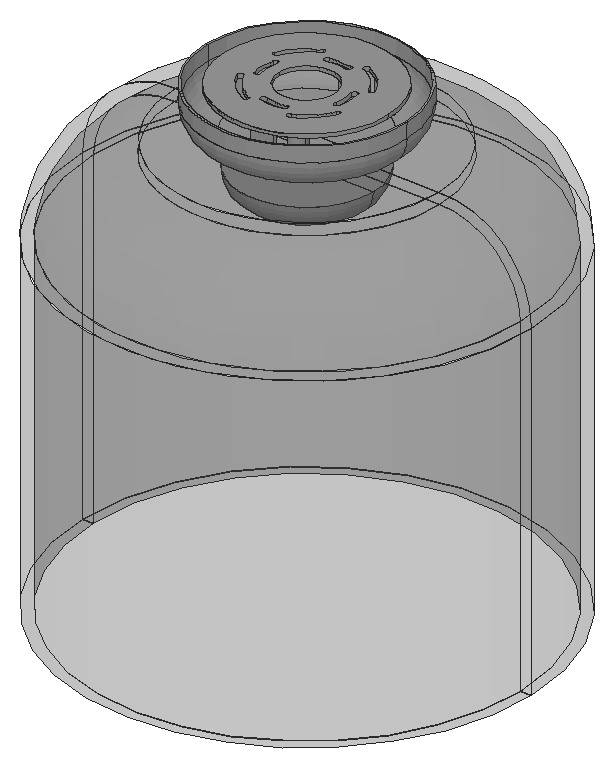
Revit family "Totem Flush", category Lighting Fixtures, Revit 2020
Family settings
  Round Connector Dimension = Use Diameter
  Part Type = Normal
  OmniClass Number = 23.80.70.00
  OmniClass Title = Lighting
  Work Plane-Based = No
  Always vertical = Yes
  Cut with Voids When Loaded = No
  Light Source = Yes
  Shared = No
  Room Calculation Point = No
Parameters (values of type "Totem Flush A")
  Wattage = 9.42495 W
  built-in parameter 1150110 = 1 (stored number, unit not read)
  built-in parameter 1114217 = 1 (stored number, unit not read)
  Tilt Angle = 90.00°
  built-in parameter 1150109 = 1 (stored number, unit not read)
  built-in parameter 1150134 = (empty or 0)
  built-in parameter 1150113 = 1 (stored number, unit not read)
  Photometric Web File = "TOTEM FLUSH.IES"
  MATERIAL ROOF ATTACHMENT PIECE = Steel, Paint Finish, Ivory, Glossy
  MATERIAL LIGHT PIECE = Cloth, Lamp Shade
  Lumens = 1400 lm
  built-in parameter 1150115 = 1 (stored number, unit not read)
  built-in parameter 1150105 = 111.41 (stored number, unit not read)
  built-in parameter 1150137 = (empty or 0)
  built-in parameter 1150139 = (empty or 0)
  built-in parameter 1150112 = 1 (stored number, unit not read)
  built-in parameter 1150114 = 1 (stored number, unit not read)
  LIGHT PIECE LENGTH = 1' - 2"
  built-in parameter 1150132 = 2
  built-in parameter 1150102 = (empty or 0)
  built-in parameter 1150138 = (empty or 0)
  built-in parameter 1150107 = 2700 (stored number, unit not read)
  built-in parameter 1150106 = 1.1141 (stored number, unit not read)
  Emit from Circle Diameter = 2' - 0"
  Emit Shape Visible in Rendering = no
  built-in parameter 1150104 = 13.8 (stored number, unit not read)
  Dimming Lamp Color Temperature Shift = <None>
  Default Elevation = 0' - 0"
  Color Filter = 16777215
  built-in parameter 1114218 = 1 (stored number, unit not read)
  built-in parameter 1150133 = 10 (stored number, unit not read)
Types (5): name | LIGHT PIECE LENGTH
  (no name) | 1' - 2"
  Totem Flush A | 1' - 2"
  Totem Flush B | 0' - 10"
  Totem Flush C | 0' - 4 1/2"
  Totem Flush D | 0' - 3 1/2"
Reference planes (in)
  plane 1 "Light Source Axis (F/B)": y = 0
  plane 2: z = 0
  plane 3 "Light Source Axis (L/R)": x = 0
  plane 4 "Light Source Elevation": z = 12.56609
Forms (in)
  Revolve 1, solid, material "Cloth, Lamp Shade" <- "MATERIAL LIGHT PIECE"
    sketch origin (0, 0, 11.31245) x (1, 0, 0) y (0, 0, 1)
      loop
        line (-7.49624, -27.02505) -> (-7.12034, -27.02505) -> (-7.12034, -15.95628)
        arc (-7.12034, -15.95628) -> (-6.29377, -14.11135) -> (-4.40142, -13.40005) r 2.62665
        line (-4.40142, -13.40005) -> (0.02067, -13.40005) -> (0.02067, -13.02505) -> (-4.39499, -13.02505)
        arc (-4.39499, -13.02505) -> (-6.58157, -13.86763) -> (-7.49624, -16.02505) r 3.00165
        line (-7.49624, -16.02505) -> (-7.49624, -27.02505)
      axis (0.02067, -13.02505) -> (0.02067, -27.02505)
    angle from 0 to 360
  Revolve 2, solid, material "Steel, Paint Finish, Ivory, Glossy" <- "MATERIAL ROOF ATTACHMENT PIECE"
    sketch origin (0, 0, 11.19769) x (1, 0, 0) y (0, 0, 1)
      loop
        line (-3.36558, -11.19769) -> (-3.36558, -11.68681)
        arc (-3.36558, -11.68681) -> (-3.06489, -12.41274) -> (-2.33896, -12.71343) r 1.02662
        line (-2.33896, -12.71343) -> (-0.94488, -12.71343) -> (-0.94488, -12.79217) -> (-2.08661, -12.79217) -> (-2.08661, -12.91028) -> (-0.00021, -12.91028) -> (-0.00021, -12.65093) -> (-2.33896, -12.65093)
        arc (-2.33896, -12.65093) -> (-3.0207, -12.36855) -> (-3.30308, -11.68681) r 0.96412
        line (-3.30308, -11.68681) -> (-3.30308, -11.19769) -> (-3.36558, -11.19769)
      loop
        line (-0.00021, -13.28528) -> (-0.48923, -13.28528) -> (-0.48923, -13.38273) -> (-0.98481, -13.38273) -> (-0.98481, -13.46147) -> (-0.34988, -13.46147) -> (-0.34988, -13.59926) -> (-0.27312, -13.59926) -> (-0.27312, -13.65832) -> (-2.24403, -13.65832)
        arc (-2.24403, -13.65832) -> (-1.97881, -14.29861) -> (-1.33852, -14.56383) r 0.90551
        line (-1.33852, -14.56383) -> (-0.00021, -14.56383) -> (-0.00021, -13.28528)
      axis (-0.00021, -14.56383) -> (-0.00021, -11.19769)
    angle from 0 to 360
  Extrusion 3, void
    sketch origin (0, 0, -12.60881) x (1, 0, 0) y (0, 1, 0)
      loop
        arc (-1.52503, 0.67831) -> (-1.18863, 1.16071) -> (-0.70658, 1.49761) r 1.6801
        arc (-0.70658, 1.49761) -> (-0.6591, 1.62811) -> (-0.78937, 1.67621) r 0.09843
        arc (-0.78937, 1.67621) -> (-1.33135, 1.29715) -> (-1.704, 0.75074) r 1.83735
        arc (-1.704, 0.75074) -> (-1.64503, 0.63913) -> (-1.52503, 0.67831) r 0.09795
      loop
        arc (1.52259, 0.67831) -> (1.64258, 0.63913) -> (1.70155, 0.75074) r 0.09795
        arc (1.70155, 0.75074) -> (1.32891, 1.29715) -> (0.78693, 1.67621) r 1.83735
        arc (0.78693, 1.67621) -> (0.65666, 1.62811) -> (0.70414, 1.49761) r 0.09843
        arc (0.70414, 1.49761) -> (1.18618, 1.16071) -> (1.52259, 0.67831) r 1.6801
      loop
        arc (-1.52503, -0.705) -> (-1.64503, -0.66581) -> (-1.704, -0.77743) r 0.09795
        arc (-1.704, -0.77743) -> (-1.33135, -1.32383) -> (-0.78937, -1.70289) r 1.83735
        arc (-0.78937, -1.70289) -> (-0.6591, -1.65479) -> (-0.70658, -1.5243) r 0.09843
        arc (-0.70658, -1.5243) -> (-1.18863, -1.18739) -> (-1.52503, -0.705) r 1.6801
      loop
        arc (1.52259, -0.705) -> (1.18618, -1.18739) -> (0.70414, -1.5243) r 1.6801
        arc (0.70414, -1.5243) -> (0.65666, -1.65479) -> (0.78693, -1.70289) r 0.09843
        arc (0.78693, -1.70289) -> (1.32891, -1.32383) -> (1.70155, -0.77743) r 1.83735
        arc (1.70155, -0.77743) -> (1.64258, -0.66581) -> (1.52259, -0.705) r 0.09795
      loop
        circle (0, 0) r 0.92616
      loop
        arc (-1.43084, 0.35554) -> (-1.48104, -0.02173) -> (-1.43084, -0.39901) r 1.44285
        arc (-1.43084, -0.39901) -> (-1.31049, -0.46894) -> (-1.24056, -0.34859) r 0.09842
        arc (-1.24056, -0.34859) -> (-1.28324, -0.0173) -> (-1.23873, 0.31374) r 1.27953
        arc (-1.23873, 0.31374) -> (-1.3128, 0.43565) -> (-1.43084, 0.35554) r 0.09843
      loop
        arc (1.43084, 0.35554) -> (1.3128, 0.43565) -> (1.23873, 0.31374) r 0.09843
        arc (1.23873, 0.31374) -> (1.28324, -0.0173) -> (1.24056, -0.34859) r 1.27953
        arc (1.24056, -0.34859) -> (1.31049, -0.46894) -> (1.43084, -0.39901) r 0.09842
        arc (1.43084, -0.39901) -> (1.48104, -0.02173) -> (1.43084, 0.35554) r 1.44285
      loop
        arc (0.37271, 1.41368) -> (-0.00457, 1.46388) -> (-0.38185, 1.41368) r 1.44285
        arc (-0.38185, 1.41368) -> (-0.45178, 1.29333) -> (-0.33143, 1.2234) r 0.09842
        arc (-0.33143, 1.2234) -> (-0.00014, 1.26608) -> (0.3309, 1.22157) r 1.27953
        arc (0.3309, 1.22157) -> (0.45281, 1.29564) -> (0.37271, 1.41368) r 0.09843
      loop
        arc (0.37271, -1.448) -> (0.45281, -1.32996) -> (0.3309, -1.25589) r 0.09843
        arc (0.3309, -1.25589) -> (-0.00014, -1.3004) -> (-0.33143, -1.25772) r 1.27953
        arc (-0.33143, -1.25772) -> (-0.45178, -1.32765) -> (-0.38185, -1.448) r 0.09842
        arc (-0.38185, -1.448) -> (-0.00457, -1.4982) -> (0.37271, -1.448) r 1.44285
    from 12.98507 to 12.2699
  Extrusion 4, solid, material "Steel, Paint Finish, Ivory, Glossy" <- "MATERIAL ROOF ATTACHMENT PIECE"
    sketch origin (0, 0, -12) x (1, 0, 0) y (0, 1, 0)
      loop
        circle (0, 0) r 2.7188
    from 11.89276 to 12
  Extrusion 5, solid, material "Steel, Paint Finish, Ivory, Glossy" <- "MATERIAL ROOF ATTACHMENT PIECE"
    sketch origin (-16.44953, 0, -12.60881) x (1, 0, 0) y (0, 1, 0)
      loop
        circle (17.40096, 2.09113) r 0.27565
      loop
        circle (14.17411, 0.1995) r 0.27565
      loop
        circle (17.68178, -1.90585) r 0.27565
    from 11.16378 to 12.50157
  Extrusion 6, solid, material "Steel, Paint Finish, Ivory, Glossy" <- "MATERIAL ROOF ATTACHMENT PIECE"
    sketch origin (-16.44429, -0.21875, -12.72753) x (0, 1, 0) y (0, 0, 1)
      loop
        line (2.05768, 12.54339) -> (2.05768, 11.33323)
        arc (2.05768, 11.33323) -> (2.04695, 11.30453) -> (2.02002, 11.28991) r 0.04375
        line (2.02002, 11.28991) -> (0.95532, 11.28991)
        arc (0.95532, 11.28991) -> (0.92746, 11.30145) -> (0.91592, 11.32931) r 0.0394
        arc (0.91592, 11.32931) -> (0.8865, 11.42467) -> (0.79616, 11.46707) r 0.12339
        line (0.79616, 11.46707) -> (-0.30452, 11.46707)
        arc (-0.30452, 11.46707) -> (-0.39448, 11.42512) -> (-0.42017, 11.32924) r 0.11744
        arc (-0.42017, 11.32924) -> (-0.43397, 11.30114) -> (-0.46336, 11.29036) r 0.04206
        line (-0.46336, 11.29036) -> (-1.53037, 11.29036)
        arc (-1.53037, 11.29036) -> (-1.55315, 11.29979) -> (-1.56258, 11.32257) r 0.03221
        line (-1.56258, 11.32257) -> (-1.56258, 12.56609) -> (-1.64071, 12.56609) -> (-1.64071, 11.32257)
        arc (-1.64071, 11.32257) -> (-1.60839, 11.24455) -> (-1.53037, 11.21223) r 0.11033
        line (-1.53037, 11.21223) -> (-0.46422, 11.21223)
        arc (-0.46422, 11.21223) -> (-0.37592, 11.24865) -> (-0.34206, 11.33796) r 0.12018
        arc (-0.34206, 11.33796) -> (-0.33618, 11.37294) -> (-0.30452, 11.38895) r 0.03932
        line (-0.30452, 11.38895) -> (0.79506, 11.38895)
        arc (0.79506, 11.38895) -> (0.82851, 11.37225) -> (0.83799, 11.33608) r 0.04526
        arc (0.83799, 11.33608) -> (0.86986, 11.24864) -> (0.95532, 11.21178) r 0.11753
        line (0.95532, 11.21178) -> (2.02411, 11.21178)
        arc (2.02411, 11.21178) -> (2.10364, 11.25073) -> (2.1358, 11.33323) r 0.12187
        line (2.1358, 11.33323) -> (2.1358, 12.54339) -> (2.05768, 12.54339)
    from 16.05407 to 16.83604
Cuts and joins
  Extrusion 3 cuts Extrusion 4
Dimensions and locks (in)
  locked: Revolve 2 to imposter light at 2.23806
  locked: plane 2 to Revolve 1 at 1.7126
  "LIGHT PIECE LENGTH": Revolve 1 sketch curve to Revolve 1 sketch curve
  aligned and locked: level to plane 2
Automatic sketch dimensions
  Revolve 2 sketch curve to Revolve 2 sketch curve = 0' - 0"  (x2)
  Revolve 2 sketch curve to level = 0' - 0"
  Revolve 2 sketch curve to plane 3 "Light Source Axis (L/R)" = 0' - 3.36558"
  Revolve 2 sketch curve to Revolve 2 sketch curve = 0' - 0 1/16"
  Revolve 2 sketch curve to Revolve 2 sketch curve = 0' - 0.96412"
  Revolve 2 sketch curve to Revolve 2 sketch curve = 0' - 0.09493"
  Revolve 2 sketch curve to Revolve 2 sketch curve = 0' - 0.25235"
  Revolve 2 sketch curve to Revolve 2 sketch curve = 0' - 0.90551"
  Revolve 2 sketch curve to Revolve 2 sketch curve = 0' - 0.35371"
  Revolve 2 sketch curve to Revolve 2 sketch curve = 0' - 0.03993"
  Revolve 2 sketch curve to plane 3 "Light Source Axis (L/R)" = 0' - 0.48923"
  Revolve 2 sketch curve to Revolve 2 sketch curve = 0' - 0.13935"
  Revolve 2 sketch curve to Revolve 2 sketch curve = 0' - 0.07676"
  Revolve 2 sketch curve to plane 3 "Light Source Axis (L/R)" = 0' - 0.00021"  (x3)
  Revolve 2 sketch curve to level = 0' - 0.48913"
  Revolve 2 sketch curve to Revolve 2 sketch curve = 0' - 0.07874"  (x2)
  Revolve 2 sketch curve to Revolve 2 sketch curve = 0' - 0.25935"
  Revolve 2 sketch curve to Revolve 2 sketch curve = 0' - 0 3/8"
  Revolve 2 sketch curve to Revolve 2 sketch curve = 0' - 0.09744"
  Revolve 2 sketch curve to Revolve 2 sketch curve = 0' - 0.1378"
  Revolve 2 sketch curve to Revolve 2 sketch curve = 0' - 0.05906"
  Revolve 2 sketch curve to Revolve 2 sketch curve = 0' - 0.7028"
  level to Revolve 2 sketch curve = 0' - 0.37776"
  Extrusion 3 sketch curve to Extrusion 3 sketch curve = 0' - 0"  (x15)
  plane 1 "Light Source Axis (F/B)" to Extrusion 3 sketch curve = 0' - 0"  (x2)
  Extrusion 3 sketch curve to plane 3 "Light Source Axis (L/R)" = 0' - 0"  (x2)
  Extrusion 3 sketch curve to plane 3 "Light Source Axis (L/R)" = 0' - 0.00244"  (x2)
  Extrusion 3 sketch curve to plane 3 "Light Source Axis (L/R)" = 0' - 0.00367"  (x2)
  Extrusion 3 sketch curve to Extrusion 3 sketch curve = 0' - 0.00005"  (x2)
  Extrusion 3 sketch curve to plane 3 "Light Source Axis (L/R)" = 0' - 0.00457"  (x2)
  Extrusion 3 sketch curve to plane 1 "Light Source Axis (F/B)" = 0' - 0.00562"  (x2)
  Extrusion 3 sketch curve to Extrusion 3 sketch curve = 0' - 0.02207"  (x2)
  Extrusion 3 sketch curve to Extrusion 3 sketch curve = 0' - 0.01367"
  Extrusion 3 sketch curve to plane 3 "Light Source Axis (L/R)" = 0' - 0.35664"  (x2)
  Extrusion 3 sketch curve to Extrusion 3 sketch curve = 0' - 0.39176"  (x2)
  Extrusion 3 sketch curve to plane 1 "Light Source Axis (F/B)" = 0' - 0.33948"  (x2)
  Extrusion 3 sketch curve to plane 3 "Light Source Axis (L/R)" = 0' - 1.33373"
  plane 1 "Light Source Axis (F/B)" to Extrusion 3 sketch curve = 0' - 0.3738"  (x2)
  Extrusion 3 sketch curve to Extrusion 3 sketch curve = 0' - 0.00197"  (x4)
  Extrusion 3 sketch curve to Extrusion 3 sketch curve = 0' - 0.27455"
  Extrusion 3 sketch curve to Extrusion 3 sketch curve = 0' - 0.27259"
  plane 3 "Light Source Axis (L/R)" to Extrusion 3 sketch curve = 0' - 0.00372"
  Extrusion 3 sketch curve to Extrusion 3 sketch curve = 0' - 0.01836"
  plane 3 "Light Source Axis (L/R)" to Extrusion 3 sketch curve = 0' - 0.02207"
  Extrusion 3 sketch curve to Extrusion 3 sketch curve = 0' - 0.01612"
  plane 3 "Light Source Axis (L/R)" to Extrusion 3 sketch curve = 0' - 0.35664"  (x2)
  Extrusion 3 sketch curve to Extrusion 3 sketch curve = 0' - 0.38932"  (x2)
  plane 3 "Light Source Axis (L/R)" to Extrusion 3 sketch curve = 0' - 1.33373"
  Extrusion 3 sketch curve to Extrusion 3 sketch curve = 0' - 0.27211"
  Extrusion 3 sketch curve to Extrusion 3 sketch curve = 0' - 0.27014"  (x2)
  Extrusion 3 sketch curve to Extrusion 3 sketch curve = 0' - 0 49/128"  (x2)
  plane 1 "Light Source Axis (F/B)" to Extrusion 3 sketch curve = 0' - 1.35089"
  Extrusion 3 sketch curve to Extrusion 3 sketch curve = 0' - 0.26054"
  Extrusion 3 sketch curve to Extrusion 3 sketch curve = 0' - 0.26251"
  plane 1 "Light Source Axis (F/B)" to Extrusion 3 sketch curve = 0' - 0.05535"
  plane 1 "Light Source Axis (F/B)" to Extrusion 3 sketch curve = 0' - 0.03231"
  Extrusion 3 sketch curve to Extrusion 3 sketch curve = 0' - 0.02304"
  Extrusion 3 sketch curve to Extrusion 3 sketch curve = 0' - 0.00562"
  Extrusion 3 sketch curve to Extrusion 3 sketch curve = 0' - 0.01057"  (x2)
  Extrusion 3 sketch curve to Extrusion 3 sketch curve = 0' - 0.00581"
  Extrusion 3 sketch curve to Extrusion 3 sketch curve = 0' - 0.00585"
  Extrusion 3 sketch curve to Extrusion 3 sketch curve = 0' - 0.00739"
  Extrusion 3 sketch curve to plane 1 "Light Source Axis (F/B)" = 0' - 0.02103"
  Extrusion 3 sketch curve to Extrusion 3 sketch curve = 0' - 0.39045"  (x2)
  Extrusion 3 sketch curve to plane 1 "Light Source Axis (F/B)" = 0' - 1.31657"
  Extrusion 3 sketch curve to Extrusion 3 sketch curve = 0' - 0.26818"
  Extrusion 3 sketch curve to Extrusion 3 sketch curve = 0' - 0.02521"  (x4)
  Extrusion 3 sketch curve to Extrusion 3 sketch curve = 0' - 0.04181"  (x4)
  Extrusion 3 sketch curve to Extrusion 3 sketch curve = 0' - 0.04097"  (x4)
  Extrusion 3 sketch curve to Extrusion 3 sketch curve = 0' - 0.095"  (x2)
  Extrusion 3 sketch curve to Extrusion 3 sketch curve = 0' - 0.09514"
  Extrusion 3 sketch curve to Extrusion 3 sketch curve = 0' - 0.08325"  (x4)
  Extrusion 3 sketch curve to Extrusion 3 sketch curve = 0' - 0.0971"
  plane 1 "Light Source Axis (F/B)" to Extrusion 4 sketch curve = 0' - 0"
  Extrusion 4 sketch curve to plane 3 "Light Source Axis (L/R)" = 0' - 0"
  Extrusion 5 sketch curve to plane 1 "Light Source Axis (F/B)" = 0' - 0.1995"
  Extrusion 5 sketch curve to plane 3 "Light Source Axis (L/R)" = 0' - 2.27541"
  plane 3 "Light Source Axis (L/R)" to Extrusion 5 sketch curve = 0' - 0.95143"
  plane 3 "Light Source Axis (L/R)" to Extrusion 5 sketch curve = 0' - 1.23225"
  plane 1 "Light Source Axis (F/B)" to Extrusion 5 sketch curve = 0' - 1.90585"
  Extrusion 5 sketch curve to plane 1 "Light Source Axis (F/B)" = 0' - 2.09113"
  Extrusion 6 sketch curve to Extrusion 6 sketch curve = 0' - 0"  (x12)
  Extrusion 6 sketch curve to level = 0' - 0.16144"
  plane 1 "Light Source Axis (F/B)" to Extrusion 6 sketch curve = 0' - 1.85946"
  Extrusion 6 sketch curve to Extrusion 6 sketch curve = 0' - 0 5/64"  (x3)
  Extrusion 6 sketch curve to Extrusion 6 sketch curve = 0' - 0.03221"
  plane 1 "Light Source Axis (F/B)" to Extrusion 6 sketch curve = 0' - 0.68297"
  Extrusion 6 sketch curve to Extrusion 6 sketch curve = 0' - 0.00086"
  Extrusion 6 sketch curve to Extrusion 6 sketch curve = 0' - 0.00125"
  Extrusion 6 sketch curve to Extrusion 6 sketch curve = 0' - 0.1576"
  Extrusion 6 sketch curve to plane 1 "Light Source Axis (F/B)" = 0' - 0.57462"
  Extrusion 6 sketch curve to Extrusion 6 sketch curve = 0' - 0.00169"
  Extrusion 6 sketch curve to Extrusion 6 sketch curve = 0' - 0.0011"
  Extrusion 6 sketch curve to Extrusion 6 sketch curve = 0' - 0.16195"
  Extrusion 6 sketch curve to Extrusion 6 sketch curve = 0' - 1 15/256"
  Extrusion 6 sketch curve to Extrusion 6 sketch curve = 0' - 0.00609"
  Extrusion 6 sketch curve to Extrusion 6 sketch curve = 0' - 0.00409"
  Extrusion 6 sketch curve to Extrusion 6 sketch curve = 0' - 0.04375"
  Extrusion 6 sketch curve to level = 0' - 0.18414"
  Extrusion 6 sketch curve to level = 0' - 1.26046"
  Extrusion 6 sketch curve to Extrusion 6 sketch curve = 0' - 0.03932"
  Extrusion 6 sketch curve to Extrusion 6 sketch curve = 0' - 0.04523"
  Extrusion 6 sketch curve to Extrusion 6 sketch curve = 0' - 1.21016"
  Extrusion 6 sketch curve to Extrusion 6 sketch curve = 0' - 0.01724"
  Extrusion 6 sketch curve to Extrusion 6 sketch curve = 0' - 0.00983"
  Revolve 1 sketch curve to Revolve 1 sketch curve = 0' - 0"  (x2)
  Revolve 1 sketch curve to level = 0' - 4.7126"
  Revolve 1 sketch curve to plane 3 "Light Source Axis (L/R)" = 0' - 7.49624"
  Revolve 1 sketch curve to Revolve 1 sketch curve = 0' - 0.3759"
  Revolve 1 sketch curve to Revolve 1 sketch curve = 0' - 2.62575"
  Revolve 1 sketch curve to Revolve 1 sketch curve = 0' - 0.09317"
  Revolve 1 sketch curve to Revolve 1 sketch curve = 0' - 0.00643"
  plane 3 "Light Source Axis (L/R)" to Revolve 1 sketch curve = 0' - 0.02067"  (x2)
  Revolve 1 sketch curve to Revolve 1 sketch curve = 0' - 0.06877"
  Revolve 1 sketch curve to Revolve 1 sketch curve = 0' - 3.04493"
  Revolve 1 sketch curve to Revolve 1 sketch curve = 0' - 1.41296"
  radius of Extrusion 3 sketch curve = 0' - 0.92616"
  radius of Extrusion 4 sketch curve = 0' - 2.7188"
  radius of Extrusion 5 sketch curve = 0' - 0.27565"  (x3)
